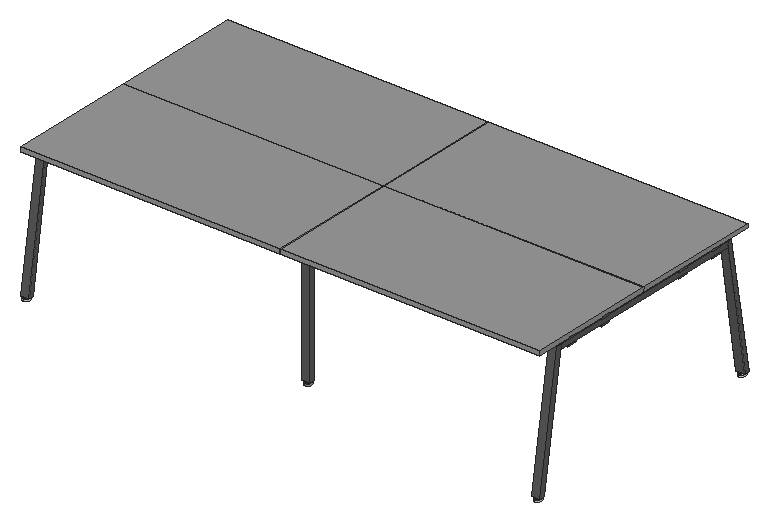
Revit family "Haworth_Tibas_Desk_BenchWorkstation_EU_PRELIMINARY", category Furniture, Revit 2019 (continued)
Definition of nested family "Haworth_Tibas_Base_U-Leg_PART"
  Forms (cm)
    Revolve 5, solid, material <- "Glide Finish"
      sketch origin (-15.6859, -60.21, 0) x (0, -1, 0) y (0, 0, 1)
        axis (-12.5, 1.5979) -> (-12.5, 0)
      angle from 0 to 360
  Cuts and joins
    joined: Extrusion 1, Extrusion 2, Extrusion 3
  Lines and regions (cm)
    Masking region 1
      outline origin (0, 0, 0) x (1, 0, 0) y (0, 1, 0)
        loop
          line (-18.1859, -9.21) -> (-18.1859, -49.21) -> (-13.1859, -49.21) -> (-13.1859, -9.21) -> (-18.1859, -9.21)
  Dimensions and locks (cm)
    "Actual Height": plane 4 "Top" to plane 1
    equal spacing: plane 9, plane 3 "Center F/B", plane 10
    "Actual Depth": plane 9 to plane 10
    equal spacing: plane 7, plane 2 "Center L/R", plane 8
    "Actual Width": plane 7 to plane 8
    locked: plane 9 to plane 11 at 3
    locked: plane 10 to plane 12 at 3
    "Actual Height": plane 4 "Top" to level
    locked: plane 6 to plane 4 "Top" at 3
    locked: plane 5 to level at 1.5979
    plane 13 to plane 9 to plane 14 = 1.5 cm locked, 0.7161 cm locked
    plane 16 to plane 10 to plane 15 = 0.7161 cm locked, 1.5 cm locked
    aligned and locked: Extrusion 1 sketch curve to plane 7
    aligned and locked: plane 8 to Extrusion 1 sketch curve
    aligned and locked: plane 5 to Extrusion 1 sketch curve
    aligned and locked: Extrusion 1 sketch curve to plane 4 "Top"
    aligned and locked: plane 9 to Extrusion 1
    aligned and locked: Extrusion 1 to plane 11
    aligned and locked: plane 7 to Extrusion 2
    aligned and locked: Extrusion 2 to plane 8
    aligned and locked: Extrusion 2 to plane 12
    aligned and locked: plane 10 to Extrusion 2
    aligned and locked: plane 4 "Top" to Extrusion 2
    aligned and locked: Extrusion 2 to plane 5
    aligned and locked: Extrusion 3 sketch curve to plane 11
    aligned and locked: Extrusion 3 sketch curve to plane 4 "Top"
    aligned and locked: Extrusion 3 sketch curve to plane 12
    aligned and locked: Extrusion 3 sketch curve to plane 6
    aligned and locked: plane 7 to Extrusion 3
    aligned and locked: Extrusion 3 to plane 8
    aligned and locked: plane 8 to Masking region 1 sketch curve
    aligned and locked: Masking region 1 sketch curve to plane 9
    aligned and locked: Masking region 1 sketch curve to plane 7
    aligned and locked: Masking region 1 sketch curve to plane 10
    aligned and locked: Revolve 4 sketch curve to plane 13  (x2)
    aligned and locked: plane 14 to Revolve 4 sketch curve
    aligned and locked: plane 15 to Revolve 5 sketch curve  (x2)
    aligned and locked: Revolve 5 sketch curve to plane 16
    aligned and locked: Revolve 5 sketch curve to plane 5
    aligned and locked: Revolve 5 sketch curve to plane 1
    aligned and locked: plane 5 to Revolve 4 sketch curve
    aligned and locked: plane 1 to Revolve 4 sketch curve
  Automatic sketch dimensions
    Extrusion 2 sketch curve to plane 5 = 0 cm
    plane 7 to Extrusion 2 sketch curve = 0 cm
    plane 8 to Extrusion 2 sketch curve = 0 cm
    Extrusion 2 sketch curve to plane 4 "Top" = 0 cm
    level to Revolve 4 sketch curve = 0 cm
    plane 5 to Revolve 4 sketch curve = 0 cm
    plane 13 to Revolve 4 sketch curve = 0.5 cm
    Revolve 4 sketch curve to plane 9 = 0.5146 cm
    Revolve 4 sketch curve to Revolve 4 sketch curve = 0.6 cm
    Revolve 4 sketch curve to plane 5 = 0.5126 cm
    Revolve 5 sketch curve to level = 0 cm
    Revolve 5 sketch curve to plane 5 = 0 cm
    Revolve 5 sketch curve to plane 15 = 0.5 cm
    plane 10 to Revolve 5 sketch curve = 0.5146 cm
    Revolve 5 sketch curve to Revolve 5 sketch curve = 0.6 cm
    plane 5 to Revolve 5 sketch curve = 0.5126 cm
Definition of nested family "Haworth_Tibas_CableManagement_HorizontalCableTrayDouble_PART"
  Parameters (values of type "Horizontal Cable Tray Double")
    Warranty = "http://www.haworth.com/resources/product-info/warranties"
    URL - Product = "https://www.haworth.com/eu/products/tables/desks/tibas"
    URL = "https://www.haworth.com/ap/en.html"
    Size = "Verify Final Dim. w/ Haworth"  # constant formula
    Revision Number = "1"  # constant formula
    Model = "Haworth - Tibas"  # constant formula
    Manufacturer = "Haworth"  # constant formula
    Description = "Haworth - Tibas - Horizontal Cable Tray Double - PART"  # constant formula
    Cable Tray Finish [instance] = none
    Author = "Haworth (Abd Rahman)"  # constant formula
    Assembly Code = "E2020200"
    Actual Width = 200 cm
    Actual Height = 45 cm
    Actual Depth = 41 cm  # constant formula
  Reference planes (cm)
    plane 1: z = 0
    plane 2 "Center L/R": x = -15.6859
    plane 3 "Center F/B": y = -29.21
    plane 4 "Top": z = 45
    plane 5: z = 35
    plane 6: x = -115.6859
    plane 7: x = 84.3141
    plane 8: y = -8.71
    plane 9: y = -49.71
  Forms (cm)
    Extrusion 1, solid, material <- "Cable Tray Finish"
      sketch origin (-15.6859, 0, 0) x (0, 1, 0) y (0, 0, 1)
        loop
          line (-49.71, 45) -> (-49.71, 44.4) -> (-49.51, 44.4) -> (-49.51, 44.8) -> (-48.71, 44.8) -> (-48.71, 35) -> (-9.71, 35) -> (-9.71, 44.8) -> (-8.91, 44.8) -> (-8.91, 44.4) -> (-8.71, 44.4) -> (-8.71, 45) -> (-9.91, 45) -> (-9.91, 35.2) -> (-48.51, 35.2) -> (-48.51, 45) -> (-49.71, 45)
      from -100 to 100
  Lines and regions (cm)
    Masking region 1
      outline origin (0, 0, 0) x (1, 0, 0) y (0, 1, 0)
        loop
          line (-115.6859, -8.71) -> (-115.6859, -49.71) -> (84.3141, -49.71) -> (84.3141, -8.71) -> (-115.6859, -8.71)
  Dimensions and locks (cm)
    "Actual Height": plane 4 "Top" to plane 1
    equal spacing: plane 8, plane 3 "Center F/B", plane 9
    "Actual Depth": plane 8 to plane 9
    equal spacing: plane 6, plane 2 "Center L/R", plane 7
    "Actual Width": plane 6 to plane 7
    "Actual Height": plane 4 "Top" to level
    locked: plane 5 to plane 4 "Top" at 10
    aligned and locked: Masking region 1 sketch curve to plane 8
    aligned and locked: Masking region 1 sketch curve to plane 6
    aligned and locked: Masking region 1 sketch curve to plane 9
    aligned and locked: plane 7 to Masking region 1 sketch curve
    aligned and locked: Extrusion 1 sketch curve to plane 4 "Top"  (x2)
    aligned and locked: Extrusion 1 sketch curve to plane 5
    aligned and locked: plane 6 to Extrusion 1
    aligned and locked: Extrusion 1 to plane 7
  Automatic sketch dimensions
    Extrusion 1 sketch curve to plane 5 = 0.2 cm
    Extrusion 1 sketch curve to plane 9 = 0 cm
    Extrusion 1 sketch curve to plane 9 = 0.2 cm
    Extrusion 1 sketch curve to plane 4 "Top" = 0.2 cm  (x2)
    Extrusion 1 sketch curve to Extrusion 1 sketch curve = 0.2 cm  (x2)
    Extrusion 1 sketch curve to Extrusion 1 sketch curve = 0.4 cm  (x2)
    Extrusion 1 sketch curve to plane 9 = 1 cm
    Extrusion 1 sketch curve to plane 8 = 1 cm
    Extrusion 1 sketch curve to plane 8 = 0 cm
    Extrusion 1 sketch curve to plane 8 = 0.2 cm
Definition of nested family "Haworth_Tibas_CableManagement_HorizontalCableTrayDoubleWire_PART"
  Parameters (values of type "Wire Basket")
    Warranty = "http://www.haworth.com/resources/product-info/warranties"
    URL = "www.haworth.com"
    Trim Finish = none
    Size = "Verify Final Dim. w/ Haworth"  # constant formula
    Revision Number = "1"  # constant formula
    Model = "Haworth -  Wire Basket "  # constant formula
    Manufacturer = "Haworth"  # constant formula
    Description = "Haworth -  Wire Basket "  # constant formula
    Cable Tray Finish [instance] = none
    Author = "Haworth (Abd Rahman)"  # constant formula
    Assembly Code = "E2020200"
    Actual Width = 200 cm
    Actual Depth = 35.05 cm  # constant formula
    200cm = yes
    180cm = yes
    160cm = yes
    140cm = yes
    120cm = yes
  Reference planes (cm)
    plane 1: z = 0
    plane 2 "Support Top": z = 74.1363
    plane 3: x = -79.1964
    plane 4: x = 120.8036
    plane 5: x = 20.8036
    plane 6: y = 5.1564
    plane 7 "Front": y = -29.8936
    plane 8: y = -12.3686
  Dimensions and locks (cm)
    locked: plane 2 "Support Top" to level at 74.1363
    equal spacing: plane 3, plane 5, plane 4
    "Actual Width": plane 3 to plane 4
    equal spacing: plane 6, plane 8, plane 7 "Front"
    "Actual Depth": plane 7 "Front" to plane 6
    aligned and locked: plane 5 to nested 2
    aligned and locked: plane 5 to nested 3
    aligned and locked: plane 5 to nested 1
    aligned and locked: plane 5 to nested 4
    aligned and locked: plane 5 to nested 5
    aligned and locked: plane 8 to nested 5
    aligned and locked: plane 8 to nested 1
    aligned and locked: plane 8 to nested 4
    aligned and locked: plane 8 to nested 2
    aligned and locked: plane 8 to nested 3
  Nested families (cm)
    nested 1: "Haworth_Tibas_CableManagement_HorizontalCableTrayDoubleWire_180cm-PART" at (0, 9.75, 0), visible <- "180cm", type "Wire Basket Double - 180cm"
    nested 2: "Haworth_Tibas_CableManagement_HorizontalCableTrayDoubleWire_200cm-PART" at (0, 9.75, 0), visible <- "200cm", type "Wire Basket Double - 200cm"
    nested 3: "Haworth_Tibas_CableManagement_HorizontalCableTrayDoubleWire_140cm-PART" at (0, 9.75, 0), visible <- "140cm", type "Wire Basket Double - 140cm"
    nested 4: "Haworth_Tibas_CableManagement_HorizontalCableTrayDoubleWire_120cm-PART" at (0, 9.75, 0), visible <- "120cm", type "Wire Basket Double - 120cm"
    nested 5: "Haworth_Tibas_CableManagement_HorizontalCableTrayDoubleWire_160cm-PART" at (0, 9.75, 0), visible <- "160cm", type "Wire Basket Double - 160cm"
  Definition of nested family "Haworth_Tibas_CableManagement_HorizontalCableTrayDoubleWire_180cm-PART"
    Parameters (values of type "Wire Basket Double - 180cm")
      Warranty = "http://www.haworth.com/resources/product-info/warranties"
      Void Width = 20 cm  # constant formula
      URL = "www.haworth.com"
      Trim Finish = none
      Size = "Verify Final Dim. w/ Haworth"  # constant formula
      Revision Number = "1"  # constant formula
      Model = "Haworth -  Wire Basket "  # constant formula
      Manufacturer = "Haworth"  # constant formula
      Description = "Haworth -  Wire Basket 180cm "  # constant formula
      Cable Tray Finish = none
      Author = "Haworth (Abd Rahman)"  # constant formula
      Assembly Code = "E2020200"
      Actual Width = 180 cm  # constant formula
      Actual Depth = 35.5 cm  # constant formula
    Reference planes (cm)
      plane 1: z = 0
      plane 2 "Support Top": z = 74.1363
      plane 3: x = 20.8036
      plane 4: y = -4.3686
      plane 5 "Front": y = -39.8686
      plane 6: y = -22.1186
      plane 7: x = -69.1964
      plane 8: x = 110.8036
    Forms (cm)
      Extrusion 1, solid, material <- "Cable Tray Finish"
        sketch origin (-68.41, -24.7371, 0) x (0, 1, 0) y (0, 0, -1)
          loop
            line (-14.9392, -74.1362) -> (-14.9392, -68.4381)
            arc (-14.9392, -68.4381) -> (-14.8805, -68.2965) -> (-14.7389, -68.2378) r 0.2003
            line (-14.7389, -68.2378) -> (19.8574, -68.2378)
            arc (19.8574, -68.2378) -> (20.0023, -68.2979) -> (20.0623, -68.4428) r 0.205
            line (20.0623, -68.4428) -> (20.0623, -74.1362) -> (20.3686, -74.1362) -> (20.3686, -68.4261)
            arc (20.3686, -68.4261) -> (20.2547, -68.1513) -> (19.9799, -68.0374) r 0.3886
            line (19.9799, -68.0374) -> (-14.7433, -68.0374)
            arc (-14.7433, -68.0374) -> (-15.0178, -68.1511) -> (-15.1314, -68.4255) r 0.3881
            line (-15.1314, -68.4255) -> (-15.1314, -74.1362) -> (-14.9392, -74.1362)
        from -179.2136 to 0.7864
      Extrusion 2, void
        sketch origin (0, -2.9666, 0) x (1, 0, 0) y (0, 0, -1)
          loop
            line (-68.261, -73.9397) -> (-62.4684, -73.9397) -> (-62.4684, -70.6269) -> (-68.261, -70.6269) -> (-68.261, -73.9397)
          loop
            line (-62.4684, -70.4411) -> (-62.4684, -68.6179) -> (-68.261, -68.6179) -> (-68.261, -70.4411) -> (-62.4684, -70.4411)
          loop
            line (-62.261, -73.9397) -> (-56.4684, -73.9397) -> (-56.4684, -70.6269) -> (-62.261, -70.6269) -> (-62.261, -73.9397)
          loop
            line (-56.4684, -70.4411) -> (-56.4684, -68.6179) -> (-62.261, -68.6179) -> (-62.261, -70.4411) -> (-56.4684, -70.4411)
          loop
            line (-56.261, -73.9397) -> (-50.4684, -73.9397) -> (-50.4684, -70.6269) -> (-56.261, -70.6269) -> (-56.261, -73.9397)
          loop
            line (-50.4684, -70.4411) -> (-50.4684, -68.6179) -> (-56.261, -68.6179) -> (-56.261, -70.4411) -> (-50.4684, -70.4411)
          loop
            line (-50.261, -73.9397) -> (-44.4684, -73.9397) -> (-44.4684, -70.6269) -> (-50.261, -70.6269) -> (-50.261, -73.9397)
          loop
            line (-44.4684, -70.4411) -> (-44.4684, -68.6179) -> (-50.261, -68.6179) -> (-50.261, -70.4411) -> (-44.4684, -70.4411)
          loop
            line (-44.261, -73.9397) -> (-38.4684, -73.9397) -> (-38.4684, -70.6269) -> (-44.261, -70.6269) -> (-44.261, -73.9397)
          loop
            line (-38.4684, -70.4411) -> (-38.4684, -68.6448) -> (-44.261, -68.6448) -> (-44.261, -70.4411) -> (-38.4684, -70.4411)
          loop
            line (-38.261, -73.9397) -> (-32.4684, -73.9397) -> (-32.4684, -70.6269) -> (-38.261, -70.6269) -> (-38.261, -73.9397)
          loop
            line (-32.4684, -70.4411) -> (-32.4684, -68.6448) -> (-38.261, -68.6448) -> (-38.261, -70.4411) -> (-32.4684, -70.4411)
          loop
            line (-32.261, -73.9397) -> (-26.4684, -73.9397) -> (-26.4684, -70.6269) -> (-32.261, -70.6269) -> (-32.261, -73.9397)
          loop
            line (-26.4684, -70.4411) -> (-26.4684, -68.6448) -> (-32.261, -68.6448) -> (-32.261, -70.4411) -> (-26.4684, -70.4411)
          loop
            line (-26.261, -73.9397) -> (-20.4684, -73.9397) -> (-20.4684, -70.6269) -> (-26.261, -70.6269) -> (-26.261, -73.9397)
          loop
            line (-20.4684, -70.4411) -> (-20.4684, -68.6582) -> (-26.261, -68.6582) -> (-26.261, -70.4411) -> (-20.4684, -70.4411)
          loop
            line (-20.261, -73.9397) -> (-14.4684, -73.9397) -> (-14.4684, -70.6269) -> (-20.261, -70.6269) -> (-20.261, -73.9397)
          loop
            line (-14.4684, -70.4411) -> (-14.4684, -68.6582) -> (-20.261, -68.6582) -> (-20.261, -70.4411) -> (-14.4684, -70.4411)
          loop
            line (-14.261, -73.9397) -> (-8.4684, -73.9397) -> (-8.4684, -70.6269) -> (-14.261, -70.6269) -> (-14.261, -73.9397)
          loop
            line (-8.4684, -70.4411) -> (-8.4684, -68.6582) -> (-14.261, -68.6582) -> (-14.261, -70.4411) -> (-8.4684, -70.4411)
          loop
            line (-8.261, -73.9397) -> (-2.4684, -73.9397) -> (-2.4684, -70.6269) -> (-8.261, -70.6269) -> (-8.261, -73.9397)
          loop
            line (-2.4684, -70.4411) -> (-2.4684, -68.6448) -> (-8.261, -68.6448) -> (-8.261, -70.4411) -> (-2.4684, -70.4411)
          loop
            line (-2.261, -73.9397) -> (3.5316, -73.9397) -> (3.5316, -70.6269) -> (-2.261, -70.6269) -> (-2.261, -73.9397)
          loop
            line (3.5316, -70.4411) -> (3.5316, -68.6582) -> (-2.261, -68.6582) -> (-2.261, -70.4411) -> (3.5316, -70.4411)
          loop
            line (3.739, -73.9397) -> (9.5316, -73.9397) -> (9.5316, -70.6269) -> (3.739, -70.6269) -> (3.739, -73.9397)
          loop
            line (9.5316, -70.4411) -> (9.5316, -68.6582) -> (3.739, -68.6582) -> (3.739, -70.4411) -> (9.5316, -70.4411)
          loop
            line (9.739, -73.9397) -> (15.5316, -73.9397) -> (15.5316, -70.6269) -> (9.739, -70.6269) -> (9.739, -73.9397)
          loop
            line (15.5316, -70.4411) -> (15.5316, -68.6582) -> (9.739, -68.6582) -> (9.739, -70.4411) -> (15.5316, -70.4411)
          loop
            line (15.739, -73.9397) -> (21.5316, -73.9397) -> (21.5316, -70.6269) -> (15.739, -70.6269) -> (15.739, -73.9397)
          loop
            line (21.5316, -70.4411) -> (21.5316, -68.6582) -> (15.739, -68.6582) -> (15.739, -70.4411) -> (21.5316, -70.4411)
          loop
            line (21.739, -73.9397) -> (27.5316, -73.9397) -> (27.5316, -70.6269) -> (21.739, -70.6269) -> (21.739, -73.9397)
          loop
            line (27.5316, -70.4411) -> (27.5316, -68.6582) -> (21.739, -68.6582) -> (21.739, -70.4411) -> (27.5316, -70.4411)
          loop
            line (27.739, -73.9397) -> (33.5316, -73.9397) -> (33.5316, -70.6269) -> (27.739, -70.6269) -> (27.739, -73.9397)
          loop
            line (33.5316, -70.4411) -> (33.5316, -68.6448) -> (27.739, -68.6448) -> (27.739, -70.4411) -> (33.5316, -70.4411)
          loop
            line (33.739, -73.9397) -> (39.5316, -73.9397) -> (39.5316, -70.6269) -> (33.739, -70.6269) -> (33.739, -73.9397)
          loop
            line (39.5316, -70.4411) -> (39.5316, -68.6582) -> (33.739, -68.6582) -> (33.739, -70.4411) -> (39.5316, -70.4411)
          loop
            line (39.739, -73.9397) -> (45.5316, -73.9397) -> (45.5316, -70.6269) -> (39.739, -70.6269) -> (39.739, -73.9397)
          loop
            line (45.5316, -70.4411) -> (45.5316, -68.6582) -> (39.739, -68.6582) -> (39.739, -70.4411) -> (45.5316, -70.4411)
          loop
            line (45.739, -73.9397) -> (51.5316, -73.9397) -> (51.5316, -70.6269) -> (45.739, -70.6269) -> (45.739, -73.9397)
          loop
            line (51.5316, -70.4411) -> (51.5316, -68.6582) -> (45.739, -68.6582) -> (45.739, -70.4411) -> (51.5316, -70.4411)
          loop
            line (51.739, -73.9397) -> (57.5316, -73.9397) -> (57.5316, -70.6269) -> (51.739, -70.6269) -> (51.739, -73.9397)
          loop
            line (57.5316, -70.4411) -> (57.5316, -68.6582) -> (51.739, -68.6582) -> (51.739, -70.4411) -> (57.5316, -70.4411)
          loop
            line (57.739, -73.9397) -> (63.5316, -73.9397) -> (63.5316, -70.6269) -> (57.739, -70.6269) -> (57.739, -73.9397)
          loop
            line (63.5316, -70.4411) -> (63.5316, -68.6582) -> (57.739, -68.6582) -> (57.739, -70.4411) -> (63.5316, -70.4411)
          loop
            line (63.739, -73.9397) -> (69.5316, -73.9397) -> (69.5316, -70.6269) -> (63.739, -70.6269) -> (63.739, -73.9397)
          loop
            line (69.5316, -70.4411) -> (69.5316, -68.6448) -> (63.739, -68.6448) -> (63.739, -70.4411) -> (69.5316, -70.4411)
          loop
            line (69.739, -73.9397) -> (75.5316, -73.9397) -> (75.5316, -70.6269) -> (69.739, -70.6269) -> (69.739, -73.9397)
          loop
            line (75.5316, -70.4411) -> (75.5316, -68.6582) -> (69.739, -68.6582) -> (69.739, -70.4411) -> (75.5316, -70.4411)
          loop
            line (75.739, -73.9397) -> (81.5316, -73.9397) -> (81.5316, -70.6269) -> (75.739, -70.6269) -> (75.739, -73.9397)
          loop
            line (81.5316, -70.4411) -> (81.5316, -68.6582) -> (75.739, -68.6582) -> (75.739, -70.4411) -> (81.5316, -70.4411)
          loop
            line (81.739, -73.9397) -> (87.5316, -73.9397) -> (87.5316, -70.6269) -> (81.739, -70.6269) -> (81.739, -73.9397)
          loop
            line (87.5316, -70.4411) -> (87.5316, -68.6582) -> (81.739, -68.6582) -> (81.739, -70.4411) -> (87.5316, -70.4411)
          loop
            line (87.739, -73.9397) -> (93.5316, -73.9397) -> (93.5316, -70.6269) -> (87.739, -70.6269) -> (87.739, -73.9397)
          loop
            line (93.5316, -70.4411) -> (93.5316, -68.6582) -> (87.739, -68.6582) -> (87.739, -70.4411) -> (93.5316, -70.4411)
          loop
            line (93.739, -73.9397) -> (98.0316, -73.9397) -> (98.0316, -70.6269) -> (93.739, -70.6269) -> (93.739, -73.9397)
          loop
            line (98.0316, -70.4411) -> (98.0316, -68.6582) -> (93.739, -68.6582) -> (93.739, -70.4411) -> (98.0316, -70.4411)
          loop
            line (98.239, -73.9397) -> (104.0316, -73.9397) -> (104.0316, -70.6269) -> (98.239, -70.6269) -> (98.239, -73.9397)
          loop
            line (104.0316, -70.4411) -> (104.0316, -68.6582) -> (98.239, -68.6582) -> (98.239, -70.4411) -> (104.0316, -70.4411)
          loop
            line (104.239, -73.9397) -> (110.0316, -73.9397) -> (110.0316, -70.6269) -> (104.239, -70.6269) -> (104.239, -73.9397)
          loop
            line (110.0316, -70.4411) -> (110.0316, -68.6582) -> (104.239, -68.6582) -> (104.239, -70.4411) -> (110.0316, -70.4411)
        from -50.1088 to 0.5784
      Extrusion 3, void
        sketch origin (0, -24.7371, 0) x (1, 0, 0) y (0, 1, 0)
          loop
            line (-68.636, -13.5337) -> (-60.9684, -13.5337) -> (-60.9684, 20.0623) -> (-68.636, 20.0623) -> (-68.636, -13.5337)
          loop
            line (-60.761, -13.5337) -> (-54.9555, -13.5337) -> (-54.9555, 20.0623) -> (-60.761, 20.0623) -> (-60.761, -13.5337)
          loop
            line (-54.761, -13.5337) -> (-48.9684, -13.5337) -> (-48.9684, 20.0623) -> (-54.761, 20.0623) -> (-54.761, -13.5337)
          loop
            line (-48.761, -13.5337) -> (-42.9555, -13.5337) -> (-42.9555, 20.0623) -> (-48.761, 20.0623) -> (-48.761, -13.5337)
          loop
            line (-42.761, -13.5337) -> (-36.9684, -13.5337) -> (-36.9684, 20.0623) -> (-42.761, 20.0623) -> (-42.761, -13.5337)
          loop
            line (-36.761, -13.5337) -> (-30.9555, -13.5337) -> (-30.9555, 20.0623) -> (-36.761, 20.0623) -> (-36.761, -13.5337)
          loop
            line (-30.761, -13.5337) -> (-24.9684, -13.5337) -> (-24.9684, 20.0623) -> (-30.761, 20.0623) -> (-30.761, -13.5337)
          loop
            line (-24.761, -13.5337) -> (-18.9555, -13.5337) -> (-18.9555, 20.0623) -> (-24.761, 20.0623) -> (-24.761, -13.5337)
          loop
            line (-18.761, -13.5337) -> (-12.9684, -13.5337) -> (-12.9684, 20.0623) -> (-18.761, 20.0623) -> (-18.761, -13.5337)
          loop
            line (-12.761, -13.5337) -> (-6.9555, -13.5337) -> (-6.9555, 20.0623) -> (-12.761, 20.0623) -> (-12.761, -13.5337)
          loop
            line (-6.748, -13.5337) -> (-0.9555, -13.5337) -> (-0.9555, 20.0623) -> (-6.748, 20.0623) -> (-6.748, -13.5337)
          loop
            line (-0.748, -13.5337) -> (5.0575, -13.5337) -> (5.0575, 20.0623) -> (-0.748, 20.0623) -> (-0.748, -13.5337)
          loop
            line (5.2779, -13.5337) -> (11.0704, -13.5337) -> (11.0704, 20.0623) -> (5.2779, 20.0623) -> (5.2779, -13.5337)
          loop
            line (11.2779, -13.5337) -> (17.0834, -13.5337) -> (17.0834, 20.0623) -> (11.2779, 20.0623) -> (11.2779, -13.5337)
          loop
            line (17.2908, -13.5337) -> (23.0963, -13.5337) -> (23.0963, 20.0623) -> (17.2908, 20.0623) -> (17.2908, -13.5337)
          loop
            line (23.3038, -13.5337) -> (29.0963, -13.5337) -> (29.0963, 20.0623) -> (23.3038, 20.0623) -> (23.3038, -13.5337)
          loop
            line (29.3038, -13.5337) -> (35.1093, -13.5337) -> (35.1093, 20.0623) -> (29.3038, 20.0623) -> (29.3038, -13.5337)
          loop
            line (35.3297, -13.5337) -> (41.1222, -13.5337) -> (41.1222, 20.0623) -> (35.3297, 20.0623) -> (35.3297, -13.5337)
          loop
            line (41.3297, -13.5337) -> (47.1351, -13.5337) -> (47.1351, 20.0623) -> (41.3297, 20.0623) -> (41.3297, -13.5337)
          loop
            line (47.3426, -13.5337) -> (53.1481, -13.5337) -> (53.1481, 20.0623) -> (47.3426, 20.0623) -> (47.3426, -13.5337)
          loop
            line (53.3556, -13.5337) -> (59.1481, -13.5337) -> (59.1481, 20.0623) -> (53.3556, 20.0623) -> (53.3556, -13.5337)
          loop
            line (59.3556, -13.5337) -> (65.161, -13.5337) -> (65.161, 20.0623) -> (59.3556, 20.0623) -> (59.3556, -13.5337)
          loop
            line (65.3815, -13.5337) -> (71.174, -13.5337) -> (71.174, 20.0623) -> (65.3815, 20.0623) -> (65.3815, -13.5337)
          loop
            line (71.3815, -13.5337) -> (77.1869, -13.5337) -> (77.1869, 20.0623) -> (71.3815, 20.0623) -> (71.3815, -13.5337)
          loop
            line (77.3944, -13.5337) -> (83.1999, -13.5337) -> (83.1999, 20.0623) -> (77.3944, 20.0623) -> (77.3944, -13.5337)
          loop
            line (83.4074, -13.5337) -> (89.1999, -13.5337) -> (89.1999, 20.0623) -> (83.4074, 20.0623) -> (83.4074, -13.5337)
          loop
            line (89.4074, -13.5337) -> (95.2128, -13.5337) -> (95.2128, 20.0623) -> (89.4074, 20.0623) -> (89.4074, -13.5337)
          loop
            line (95.4333, -13.5337) -> (101.2258, -13.5337) -> (101.2258, 20.0623) -> (95.4333, 20.0623) -> (95.4333, -13.5337)
          loop
            line (101.4333, -13.5337) -> (107.2387, -13.5337) -> (107.2387, 20.0623) -> (101.4333, 20.0623) -> (101.4333, -13.5337)
          loop
            line (107.4592, -13.5337) -> (110.2517, -13.5337) -> (110.2517, 20.0623) -> (107.4592, 20.0623) -> (107.4592, -13.5337)
        from 0 to 76.0995
      Extrusion 4, solid, material <- "Trim Finish"
        sketch origin (115.161, -0.5, 80.0038) x (0, -1, 0) y (0, 0, -1)
          loop
            arc (43.6542, 2.8) -> (43.8098, 2.8644) -> (43.8742, 3.02) r 0.22
            line (43.8742, 3.02) -> (43.8742, 6) -> (43.6742, 6) -> (43.6742, 3) -> (39.6242, 3) -> (39.6242, 5.5787)
            arc (39.6242, 5.5787) -> (39.5594, 5.7352) -> (39.4029, 5.8) r 0.2213
            line (39.4029, 5.8) -> (39.1242, 5.8) -> (39.1242, 12.2277)
            arc (39.1242, 12.2277) -> (39.0591, 12.3849) -> (38.9019, 12.45) r 0.2223
            line (38.9019, 12.45) -> (24.7358, 12.45)
            arc (24.7358, 12.45) -> (24.3108, 12.025) -> (24.7358, 11.6) r 0.425
            line (24.7358, 11.6) -> (25.5117, 11.6) -> (25.5117, 11.8) -> (24.7376, 11.8)
            arc (24.7376, 11.8) -> (24.5126, 12.025) -> (24.7376, 12.25) r 0.225
            line (24.7376, 12.25) -> (38.9242, 12.25) -> (38.9242, 5.824)
            arc (38.9242, 5.824) -> (38.9898, 5.6656) -> (39.1482, 5.6) r 0.224
            line (39.1482, 5.6) -> (39.4242, 5.6) -> (39.4242, 3.0224)
            arc (39.4242, 3.0224) -> (39.4893, 2.8651) -> (39.6466, 2.8) r 0.2224
            line (39.6466, 2.8) -> (43.6542, 2.8)
        from -36.501 to -33.501
      Extrusion 5, solid, material <- "Trim Finish"
        sketch origin (-74.8038, -0.5, 80.0038) x (0, -1, 0) y (0, 0, 1)
          loop
            line (43.6542, -2.8) -> (39.6466, -2.8)
            arc (39.6466, -2.8) -> (39.4893, -2.8651) -> (39.4242, -3.0224) r 0.2224
            line (39.4242, -3.0224) -> (39.4242, -5.6) -> (39.1482, -5.6)
            arc (39.1482, -5.6) -> (38.9898, -5.6656) -> (38.9242, -5.824) r 0.224
            line (38.9242, -5.824) -> (38.9242, -12.25) -> (24.7376, -12.25)
            arc (24.7376, -12.25) -> (24.5126, -12.025) -> (24.7376, -11.8) r 0.225
            line (24.7376, -11.8) -> (25.5117, -11.8) -> (25.5117, -11.6) -> (24.7358, -11.6)
            arc (24.7358, -11.6) -> (24.3108, -12.025) -> (24.7358, -12.45) r 0.425
            line (24.7358, -12.45) -> (38.9019, -12.45)
            arc (38.9019, -12.45) -> (39.0591, -12.3849) -> (39.1242, -12.2277) r 0.2223
            line (39.1242, -12.2277) -> (39.1242, -5.8) -> (39.4029, -5.8)
            arc (39.4029, -5.8) -> (39.5594, -5.7352) -> (39.6242, -5.5787) r 0.2213
            line (39.6242, -5.5787) -> (39.6242, -3) -> (43.6742, -3) -> (43.6742, -6) -> (43.8742, -6) -> (43.8742, -3.02)
            arc (43.8742, -3.02) -> (43.8098, -2.8644) -> (43.6542, -2.8) r 0.22
        from -36.501 to -33.501
      Extrusion 6, solid, material <- "Trim Finish"
        sketch origin (115.161, -43.8621, 80.0038) x (0, 1, 0) y (0, 0, 1)
          loop
            line (43.6542, -2.8) -> (39.6466, -2.8)
            arc (39.6466, -2.8) -> (39.4893, -2.8651) -> (39.4242, -3.0224) r 0.2224
            line (39.4242, -3.0224) -> (39.4242, -5.6) -> (39.1482, -5.6)
            arc (39.1482, -5.6) -> (38.9898, -5.6656) -> (38.9242, -5.824) r 0.224
            line (38.9242, -5.824) -> (38.9242, -12.25) -> (24.7376, -12.25)
            arc (24.7376, -12.25) -> (24.5126, -12.025) -> (24.7376, -11.8) r 0.225
            line (24.7376, -11.8) -> (25.5117, -11.8) -> (25.5117, -11.6) -> (24.7358, -11.6)
            arc (24.7358, -11.6) -> (24.3108, -12.025) -> (24.7358, -12.45) r 0.425
            line (24.7358, -12.45) -> (38.9019, -12.45)
            arc (38.9019, -12.45) -> (39.0591, -12.3849) -> (39.1242, -12.2277) r 0.2223
            line (39.1242, -12.2277) -> (39.1242, -5.8) -> (39.4029, -5.8)
            arc (39.4029, -5.8) -> (39.5594, -5.7352) -> (39.6242, -5.5787) r 0.2213
            line (39.6242, -5.5787) -> (39.6242, -3) -> (43.6742, -3) -> (43.6742, -6) -> (43.8742, -6) -> (43.8742, -3.02)
            arc (43.8742, -3.02) -> (43.8098, -2.8644) -> (43.6542, -2.8) r 0.22
        from -36.501 to -33.501
      Extrusion 7, solid, material <- "Trim Finish"
        sketch origin (-74.8038, -43.8621, 80.0038) x (0, 1, 0) y (0, 0, -1)
          loop
            arc (43.6542, 2.8) -> (43.8098, 2.8644) -> (43.8742, 3.02) r 0.22
            line (43.8742, 3.02) -> (43.8742, 6) -> (43.6742, 6) -> (43.6742, 3) -> (39.6242, 3) -> (39.6242, 5.5787)
            arc (39.6242, 5.5787) -> (39.5594, 5.7352) -> (39.4029, 5.8) r 0.2213
            line (39.4029, 5.8) -> (39.1242, 5.8) -> (39.1242, 12.2277)
            arc (39.1242, 12.2277) -> (39.0591, 12.3849) -> (38.9019, 12.45) r 0.2223
            line (38.9019, 12.45) -> (24.7358, 12.45)
            arc (24.7358, 12.45) -> (24.3108, 12.025) -> (24.7358, 11.6) r 0.425
            line (24.7358, 11.6) -> (25.5117, 11.6) -> (25.5117, 11.8) -> (24.7376, 11.8)
            arc (24.7376, 11.8) -> (24.5126, 12.025) -> (24.7376, 12.25) r 0.225
            line (24.7376, 12.25) -> (38.9242, 12.25) -> (38.9242, 5.824)
            arc (38.9242, 5.824) -> (38.9898, 5.6656) -> (39.1482, 5.6) r 0.224
            line (39.1482, 5.6) -> (39.4242, 5.6) -> (39.4242, 3.0224)
            arc (39.4242, 3.0224) -> (39.4893, 2.8651) -> (39.6466, 2.8) r 0.2224
            line (39.6466, 2.8) -> (43.6542, 2.8)
        from -36.501 to -33.501
    Cuts and joins
      Extrusion 2, Extrusion 3 cuts Extrusion 1
    Lines and regions (cm)
      Masking region 1
        outline origin (0, 0, 0) x (1, 0, 0) y (0, 1, 0)
          loop
            line (-69.1964, -4.3686) -> (-69.1964, -39.8686) -> (110.8036, -39.8686) -> (110.8036, -4.3686) -> (-69.1964, -4.3686)
    Dimensions and locks (cm)
      locked: plane 2 "Support Top" to level at 74.1363
      equal spacing: plane 4, plane 6, plane 5 "Front"
      "Actual Depth": plane 5 "Front" to plane 4
      equal spacing: plane 7, plane 3, plane 8
      "Actual Width": plane 7 to plane 8
      aligned and locked: plane 4 to cut or joined group of Extrusion 1, Extrusion 2, Extrusion 3
      aligned and locked: Masking region 1 sketch curve to plane 4
      aligned and locked: Masking region 1 sketch curve to plane 5 "Front"
      aligned and locked: Masking region 1 sketch curve to plane 8
      aligned and locked: Masking region 1 sketch curve to plane 7
      aligned and locked: cut or joined group of Extrusion 1, Extrusion 2, Extrusion 3 to plane 7
      aligned and locked: cut or joined group of Extrusion 1, Extrusion 2, Extrusion 3 to plane 8
    Automatic sketch dimensions
      Extrusion 1 sketch curve to plane 2 "Support Top" = 0 cm  (x2)
      Extrusion 1 sketch curve to plane 4 = 0 cm
      Extrusion 1 sketch curve to Extrusion 1 sketch curve = 0.3062 cm
      Extrusion 1 sketch curve to plane 4 = 0.3886 cm
      Extrusion 1 sketch curve to Extrusion 1 sketch curve = 0.1226 cm
      Extrusion 1 sketch curve to plane 5 "Front" = 0.3925 cm
      Extrusion 1 sketch curve to Extrusion 1 sketch curve = 0.0044 cm
      Extrusion 1 sketch curve to Extrusion 1 sketch curve = 0.1959 cm
      Extrusion 1 sketch curve to Extrusion 1 sketch curve = 0.1923 cm
      Extrusion 1 sketch curve to plane 2 "Support Top" = 5.6934 cm
      Extrusion 1 sketch curve to Extrusion 1 sketch curve = 0.0167 cm
      Extrusion 2 sketch curve to plane 2 "Support Top" = 0.1965 cm  (x30)
      plane 7 to Extrusion 2 sketch curve = 0.9355 cm
      Extrusion 2 sketch curve to Extrusion 2 sketch curve = 0 cm  (x75)
      Extrusion 2 sketch curve to Extrusion 2 sketch curve = 5.7925 cm  (x26)
      Extrusion 2 sketch curve to Extrusion 2 sketch curve = 0.2075 cm  (x40)
      Extrusion 2 sketch curve to plane 3 = 5.272 cm
      plane 3 to Extrusion 2 sketch curve = 0.728 cm  (x2)
      Extrusion 2 sketch curve to Extrusion 2 sketch curve = 4.2925 cm
      Extrusion 2 sketch curve to plane 8 = 0.772 cm  (x2)
      Extrusion 2 sketch curve to Extrusion 2 sketch curve = 3.3128 cm  (x6)
      Extrusion 2 sketch curve to Extrusion 2 sketch curve = 0.1859 cm  (x30)
      Extrusion 2 sketch curve to Extrusion 2 sketch curve = 1.7829 cm  (x17)
      Extrusion 2 sketch curve to Extrusion 2 sketch curve = 1.7963 cm  (x3)
      Extrusion 2 sketch curve to Extrusion 2 sketch curve = 0.0134 cm  (x3)
      Extrusion 2 sketch curve to Extrusion 2 sketch curve = 1.8232 cm  (x3)
      Extrusion 3 sketch curve to plane 7 = 0.5605 cm
      plane 4 to Extrusion 3 sketch curve = 0.3062 cm  (x23)
      Extrusion 3 sketch curve to Extrusion 3 sketch curve = 7.6675 cm
      Extrusion 3 sketch curve to Extrusion 3 sketch curve = 0.2075 cm  (x20)
      Extrusion 3 sketch curve to Extrusion 3 sketch curve = 5.8055 cm  (x13)
      Extrusion 3 sketch curve to Extrusion 3 sketch curve = 0.1945 cm  (x4)
      Extrusion 3 sketch curve to Extrusion 3 sketch curve = 5.7925 cm  (x12)
      Extrusion 3 sketch curve to Extrusion 3 sketch curve = 0.2204 cm  (x5)
      plane 3 to Extrusion 3 sketch curve = 3.7202 cm
      Extrusion 3 sketch curve to plane 3 = 2.2927 cm
      plane 5 "Front" to Extrusion 3 sketch curve = 1.5977 cm  (x8)
      plane 8 to Extrusion 3 sketch curve = 3.5648 cm
      plane 8 to Extrusion 3 sketch curve = 0.5519 cm
      Extrusion 3 sketch curve to Extrusion 3 sketch curve = 0 cm  (x29)
      plane 6 to Extrusion 4 sketch curve = 3.1172 cm
      Extrusion 4 sketch curve to Extrusion 4 sketch curve = 0.0018 cm
      Extrusion 4 sketch curve to Extrusion 4 sketch curve = 0.7759 cm
      Extrusion 4 sketch curve to plane 5 "Front" = 0.4666 cm
      Extrusion 4 sketch curve to Extrusion 4 sketch curve = 0.0223 cm
      plane 2 "Support Top" to Extrusion 4 sketch curve = 0.0675 cm
      Extrusion 4 sketch curve to Extrusion 4 sketch curve = 0.2 cm  (x5)
      Extrusion 4 sketch curve to Extrusion 4 sketch curve = 0.024 cm
      Extrusion 4 sketch curve to Extrusion 4 sketch curve = 0.2547 cm
      plane 5 "Front" to Extrusion 4 sketch curve = 0.0556 cm
      Extrusion 4 sketch curve to Extrusion 4 sketch curve = 0.0224 cm
      plane 5 "Front" to Extrusion 4 sketch curve = 4.2856 cm
      Extrusion 4 sketch curve to Extrusion 4 sketch curve = 0.02 cm  (x2)
      Extrusion 4 sketch curve to Extrusion 4 sketch curve = 2.5563 cm
      Extrusion 4 sketch curve to plane 2 "Support Top" = 0.1325 cm
      Extrusion 4 sketch curve to plane 2 "Support Top" = 5.7325 cm
      Extrusion 4 sketch curve to Extrusion 4 sketch curve = 0.225 cm
      Extrusion 4 sketch curve to Extrusion 4 sketch curve = 0 cm
      plane 6 to Extrusion 5 sketch curve = 3.1172 cm
      Extrusion 5 sketch curve to Extrusion 5 sketch curve = 0.0018 cm
      Extrusion 5 sketch curve to Extrusion 5 sketch curve = 0.7759 cm
      Extrusion 5 sketch curve to plane 5 "Front" = 0.4666 cm
      Extrusion 5 sketch curve to Extrusion 5 sketch curve = 0.0223 cm
      plane 2 "Support Top" to Extrusion 5 sketch curve = 0.0675 cm
      Extrusion 5 sketch curve to Extrusion 5 sketch curve = 0.2 cm  (x4)
      Extrusion 5 sketch curve to Extrusion 5 sketch curve = 0.024 cm
      Extrusion 5 sketch curve to Extrusion 5 sketch curve = 0.2547 cm
      plane 5 "Front" to Extrusion 5 sketch curve = 0.0556 cm
      Extrusion 5 sketch curve to Extrusion 5 sketch curve = 0.0224 cm
      plane 5 "Front" to Extrusion 5 sketch curve = 4.2856 cm
      Extrusion 5 sketch curve to Extrusion 5 sketch curve = 0.02 cm  (x2)
      plane 2 "Support Top" to Extrusion 5 sketch curve = 0.0435 cm
      Extrusion 5 sketch curve to plane 2 "Support Top" = 0.1325 cm
      Extrusion 5 sketch curve to plane 2 "Support Top" = 5.7325 cm
      Extrusion 5 sketch curve to Extrusion 5 sketch curve = 0.225 cm
      Extrusion 5 sketch curve to Extrusion 5 sketch curve = 0 cm
      Extrusion 5 sketch curve to Extrusion 5 sketch curve = 2.5563 cm
      Extrusion 6 sketch curve to plane 6 = 2.9922 cm
      Extrusion 6 sketch curve to Extrusion 6 sketch curve = 0.0018 cm
      Extrusion 6 sketch curve to Extrusion 6 sketch curve = 0.7759 cm
      Extrusion 6 sketch curve to plane 4 = 0.5916 cm
      Extrusion 6 sketch curve to Extrusion 6 sketch curve = 0.0223 cm
      plane 2 "Support Top" to Extrusion 6 sketch curve = 0.0675 cm
      Extrusion 6 sketch curve to Extrusion 6 sketch curve = 0.2 cm  (x4)
      Extrusion 6 sketch curve to Extrusion 6 sketch curve = 0.024 cm
      Extrusion 6 sketch curve to Extrusion 6 sketch curve = 0.2547 cm
      Extrusion 6 sketch curve to plane 4 = 0.0694 cm
      Extrusion 6 sketch curve to Extrusion 6 sketch curve = 0.0224 cm
      plane 4 to Extrusion 6 sketch curve = 4.1606 cm
      Extrusion 6 sketch curve to Extrusion 6 sketch curve = 0.02 cm  (x2)
      plane 2 "Support Top" to Extrusion 6 sketch curve = 0.0435 cm
      Extrusion 6 sketch curve to plane 2 "Support Top" = 0.1325 cm
      Extrusion 6 sketch curve to plane 2 "Support Top" = 5.7325 cm
      Extrusion 6 sketch curve to Extrusion 6 sketch curve = 0.225 cm
      Extrusion 6 sketch curve to Extrusion 6 sketch curve = 0 cm
      Extrusion 6 sketch curve to Extrusion 6 sketch curve = 2.5563 cm
      Extrusion 7 sketch curve to plane 6 = 2.9922 cm
      Extrusion 7 sketch curve to Extrusion 7 sketch curve = 0.0018 cm
      Extrusion 7 sketch curve to Extrusion 7 sketch curve = 0.7759 cm
      Extrusion 7 sketch curve to plane 4 = 0.5916 cm
      Extrusion 7 sketch curve to Extrusion 7 sketch curve = 0.0223 cm
      plane 2 "Support Top" to Extrusion 7 sketch curve = 0.0675 cm
      Extrusion 7 sketch curve to Extrusion 7 sketch curve = 0.2 cm  (x5)
      Extrusion 7 sketch curve to Extrusion 7 sketch curve = 0.024 cm
      Extrusion 7 sketch curve to Extrusion 7 sketch curve = 0.2547 cm
      Extrusion 7 sketch curve to plane 4 = 0.0694 cm
      Extrusion 7 sketch curve to Extrusion 7 sketch curve = 0.0224 cm
      plane 4 to Extrusion 7 sketch curve = 4.1606 cm
      Extrusion 7 sketch curve to Extrusion 7 sketch curve = 0.02 cm  (x2)
      Extrusion 7 sketch curve to Extrusion 7 sketch curve = 2.5563 cm
      Extrusion 7 sketch curve to plane 2 "Support Top" = 0.1325 cm
      Extrusion 7 sketch curve to plane 2 "Support Top" = 5.7325 cm
      Extrusion 7 sketch curve to Extrusion 7 sketch curve = 0.225 cm
      Extrusion 7 sketch curve to Extrusion 7 sketch curve = 0 cm
  Definition of nested family "Haworth_Tibas_CableManagement_HorizontalCableTrayDoubleWire_200cm-PART"
    Parameters (values of type "Wire Basket Double - 200cm")
      Warranty = "http://www.haworth.com/resources/product-info/warranties"
      Void Width = 20 cm  # constant formula
      URL = "www.haworth.com"
      Trim Finish = none
      Size = "Verify Final Dim. w/ Haworth"  # constant formula
      Revision Number = "1"  # constant formula
      Model = "Haworth -  Wire Basket "  # constant formula
      Manufacturer = "Haworth"  # constant formula
      Description = "Haworth -  Wire Basket 200cm "  # constant formula
      Cable Tray Finish = none
      Author = "Haworth (Abd Rahman)"  # constant formula
      Assembly Code = "E2020200"
      Actual Width = 200 cm  # constant formula
      Actual Depth = 35.5 cm  # constant formula
    Reference planes (cm)
      plane 1: z = 0
      plane 2 "Support Top": z = 74.1363
      plane 3: x = -79.1964
      plane 4: x = 120.8036
      plane 5: x = 20.8036
      plane 6: y = -4.3686
      plane 7 "Front": y = -39.8686
      plane 8: y = -22.1186
    Forms (cm)
      Extrusion 1, solid, material <- "Cable Tray Finish"
        sketch origin (-68.41, -24.7371, 0) x (0, 1, 0) y (0, 0, -1)
          loop
            line (-14.9392, -74.1362) -> (-14.9392, -68.4381)
            arc (-14.9392, -68.4381) -> (-14.8805, -68.2965) -> (-14.7389, -68.2378) r 0.2003
            line (-14.7389, -68.2378) -> (19.8574, -68.2378)
            arc (19.8574, -68.2378) -> (20.0023, -68.2979) -> (20.0623, -68.4428) r 0.205
            line (20.0623, -68.4428) -> (20.0623, -74.1362) -> (20.3686, -74.1362) -> (20.3686, -68.4261)
            arc (20.3686, -68.4261) -> (20.2547, -68.1513) -> (19.9799, -68.0374) r 0.3886
            line (19.9799, -68.0374) -> (-14.7433, -68.0374)
            arc (-14.7433, -68.0374) -> (-15.0178, -68.1511) -> (-15.1314, -68.4255) r 0.3881
            line (-15.1314, -68.4255) -> (-15.1314, -74.1362) -> (-14.9392, -74.1362)
        from -189.2136 to 10.7864
      Extrusion 2, void
        sketch origin (0, -2.9666, 0) x (1, 0, 0) y (0, 0, -1)
          loop
            line (-74.261, -73.9397) -> (-68.4684, -73.9397) -> (-68.4684, -70.6269) -> (-74.261, -70.6269) -> (-74.261, -73.9397)
          loop
            line (-68.4684, -70.4411) -> (-68.4684, -68.6179) -> (-74.261, -68.6179) -> (-74.261, -70.4411) -> (-68.4684, -70.4411)
          loop
            line (-68.261, -73.9397) -> (-62.4684, -73.9397) -> (-62.4684, -70.6269) -> (-68.261, -70.6269) -> (-68.261, -73.9397)
          loop
            line (-62.4684, -70.4411) -> (-62.4684, -68.6179) -> (-68.261, -68.6179) -> (-68.261, -70.4411) -> (-62.4684, -70.4411)
          loop
            line (-62.261, -73.9397) -> (-56.4684, -73.9397) -> (-56.4684, -70.6269) -> (-62.261, -70.6269) -> (-62.261, -73.9397)
          loop
            line (-56.4684, -70.4411) -> (-56.4684, -68.6179) -> (-62.261, -68.6179) -> (-62.261, -70.4411) -> (-56.4684, -70.4411)
          loop
            line (-56.261, -73.9397) -> (-50.4684, -73.9397) -> (-50.4684, -70.6269) -> (-56.261, -70.6269) -> (-56.261, -73.9397)
          loop
            line (-50.4684, -70.4411) -> (-50.4684, -68.6179) -> (-56.261, -68.6179) -> (-56.261, -70.4411) -> (-50.4684, -70.4411)
          loop
            line (-50.261, -73.9397) -> (-44.4684, -73.9397) -> (-44.4684, -70.6269) -> (-50.261, -70.6269) -> (-50.261, -73.9397)
          loop
            line (-44.4684, -70.4411) -> (-44.4684, -68.6179) -> (-50.261, -68.6179) -> (-50.261, -70.4411) -> (-44.4684, -70.4411)
          loop
            line (-78.5742, -73.9397) -> (-74.4664, -73.9397) -> (-74.4664, -70.6269) -> (-78.5742, -70.6269) -> (-78.5742, -73.9397)
          loop
            line (-74.4664, -70.4411) -> (-74.4664, -68.6179) -> (-78.5619, -68.6179) -> (-78.5619, -70.4411) -> (-74.4664, -70.4411)
          loop
            line (-44.261, -73.9397) -> (-38.4684, -73.9397) -> (-38.4684, -70.6269) -> (-44.261, -70.6269) -> (-44.261, -73.9397)
          loop
            line (-38.4684, -70.4411) -> (-38.4684, -68.6448) -> (-44.261, -68.6448) -> (-44.261, -70.4411) -> (-38.4684, -70.4411)
          loop
            line (-38.261, -73.9397) -> (-32.4684, -73.9397) -> (-32.4684, -70.6269) -> (-38.261, -70.6269) -> (-38.261, -73.9397)
          loop
            line (-32.4684, -70.4411) -> (-32.4684, -68.6448) -> (-38.261, -68.6448) -> (-38.261, -70.4411) -> (-32.4684, -70.4411)
          loop
            line (-32.261, -73.9397) -> (-26.4684, -73.9397) -> (-26.4684, -70.6269) -> (-32.261, -70.6269) -> (-32.261, -73.9397)
          loop
            line (-26.4684, -70.4411) -> (-26.4684, -68.6448) -> (-32.261, -68.6448) -> (-32.261, -70.4411) -> (-26.4684, -70.4411)
          loop
            line (-26.261, -73.9397) -> (-20.4684, -73.9397) -> (-20.4684, -70.6269) -> (-26.261, -70.6269) -> (-26.261, -73.9397)
          loop
            line (-20.4684, -70.4411) -> (-20.4684, -68.6582) -> (-26.261, -68.6582) -> (-26.261, -70.4411) -> (-20.4684, -70.4411)
          loop
            line (-20.261, -73.9397) -> (-14.4684, -73.9397) -> (-14.4684, -70.6269) -> (-20.261, -70.6269) -> (-20.261, -73.9397)
          loop
            line (-14.4684, -70.4411) -> (-14.4684, -68.6582) -> (-20.261, -68.6582) -> (-20.261, -70.4411) -> (-14.4684, -70.4411)
          loop
            line (-14.261, -73.9397) -> (-8.4684, -73.9397) -> (-8.4684, -70.6269) -> (-14.261, -70.6269) -> (-14.261, -73.9397)
          loop
            line (-8.4684, -70.4411) -> (-8.4684, -68.6582) -> (-14.261, -68.6582) -> (-14.261, -70.4411) -> (-8.4684, -70.4411)
          loop
            line (-8.261, -73.9397) -> (-2.4684, -73.9397) -> (-2.4684, -70.6269) -> (-8.261, -70.6269) -> (-8.261, -73.9397)
          loop
            line (-2.4684, -70.4411) -> (-2.4684, -68.6448) -> (-8.261, -68.6448) -> (-8.261, -70.4411) -> (-2.4684, -70.4411)
          loop
            line (-2.261, -73.9397) -> (3.5316, -73.9397) -> (3.5316, -70.6269) -> (-2.261, -70.6269) -> (-2.261, -73.9397)
          loop
            line (3.5316, -70.4411) -> (3.5316, -68.6582) -> (-2.261, -68.6582) -> (-2.261, -70.4411) -> (3.5316, -70.4411)
          loop
            line (3.739, -73.9397) -> (9.5316, -73.9397) -> (9.5316, -70.6269) -> (3.739, -70.6269) -> (3.739, -73.9397)
          loop
            line (9.5316, -70.4411) -> (9.5316, -68.6582) -> (3.739, -68.6582) -> (3.739, -70.4411) -> (9.5316, -70.4411)
          loop
            line (9.739, -73.9397) -> (15.5316, -73.9397) -> (15.5316, -70.6269) -> (9.739, -70.6269) -> (9.739, -73.9397)
          loop
            line (15.5316, -70.4411) -> (15.5316, -68.6582) -> (9.739, -68.6582) -> (9.739, -70.4411) -> (15.5316, -70.4411)
          loop
            line (15.739, -73.9397) -> (21.5316, -73.9397) -> (21.5316, -70.6269) -> (15.739, -70.6269) -> (15.739, -73.9397)
          loop
            line (21.5316, -70.4411) -> (21.5316, -68.6582) -> (15.739, -68.6582) -> (15.739, -70.4411) -> (21.5316, -70.4411)
          loop
            line (21.739, -73.9397) -> (27.5316, -73.9397) -> (27.5316, -70.6269) -> (21.739, -70.6269) -> (21.739, -73.9397)
          loop
            line (27.5316, -70.4411) -> (27.5316, -68.6582) -> (21.739, -68.6582) -> (21.739, -70.4411) -> (27.5316, -70.4411)
          loop
            line (27.739, -73.9397) -> (33.5316, -73.9397) -> (33.5316, -70.6269) -> (27.739, -70.6269) -> (27.739, -73.9397)
          loop
            line (33.5316, -70.4411) -> (33.5316, -68.6448) -> (27.739, -68.6448) -> (27.739, -70.4411) -> (33.5316, -70.4411)
          loop
            line (33.739, -73.9397) -> (39.5316, -73.9397) -> (39.5316, -70.6269) -> (33.739, -70.6269) -> (33.739, -73.9397)
          loop
            line (39.5316, -70.4411) -> (39.5316, -68.6582) -> (33.739, -68.6582) -> (33.739, -70.4411) -> (39.5316, -70.4411)
          loop
            line (39.739, -73.9397) -> (45.5316, -73.9397) -> (45.5316, -70.6269) -> (39.739, -70.6269) -> (39.739, -73.9397)
          loop
            line (45.5316, -70.4411) -> (45.5316, -68.6582) -> (39.739, -68.6582) -> (39.739, -70.4411) -> (45.5316, -70.4411)
          loop
            line (45.739, -73.9397) -> (51.5316, -73.9397) -> (51.5316, -70.6269) -> (45.739, -70.6269) -> (45.739, -73.9397)
          loop
            line (51.5316, -70.4411) -> (51.5316, -68.6582) -> (45.739, -68.6582) -> (45.739, -70.4411) -> (51.5316, -70.4411)
          loop
            line (51.739, -73.9397) -> (57.5316, -73.9397) -> (57.5316, -70.6269) -> (51.739, -70.6269) -> (51.739, -73.9397)
          loop
            line (57.5316, -70.4411) -> (57.5316, -68.6582) -> (51.739, -68.6582) -> (51.739, -70.4411) -> (57.5316, -70.4411)
          loop
            line (57.739, -73.9397) -> (63.5316, -73.9397) -> (63.5316, -70.6269) -> (57.739, -70.6269) -> (57.739, -73.9397)
          loop
            line (63.5316, -70.4411) -> (63.5316, -68.6582) -> (57.739, -68.6582) -> (57.739, -70.4411) -> (63.5316, -70.4411)
          loop
            line (63.739, -73.9397) -> (69.5316, -73.9397) -> (69.5316, -70.6269) -> (63.739, -70.6269) -> (63.739, -73.9397)
          loop
            line (69.5316, -70.4411) -> (69.5316, -68.6448) -> (63.739, -68.6448) -> (63.739, -70.4411) -> (69.5316, -70.4411)
          loop
            line (69.739, -73.9397) -> (75.5316, -73.9397) -> (75.5316, -70.6269) -> (69.739, -70.6269) -> (69.739, -73.9397)
          loop
            line (75.5316, -70.4411) -> (75.5316, -68.6582) -> (69.739, -68.6582) -> (69.739, -70.4411) -> (75.5316, -70.4411)
          loop
            line (75.739, -73.9397) -> (81.5316, -73.9397) -> (81.5316, -70.6269) -> (75.739, -70.6269) -> (75.739, -73.9397)
          loop
            line (81.5316, -70.4411) -> (81.5316, -68.6582) -> (75.739, -68.6582) -> (75.739, -70.4411) -> (81.5316, -70.4411)
          loop
            line (81.739, -73.9397) -> (87.5316, -73.9397) -> (87.5316, -70.6269) -> (81.739, -70.6269) -> (81.739, -73.9397)
          loop
            line (87.5316, -70.4411) -> (87.5316, -68.6582) -> (81.739, -68.6582) -> (81.739, -70.4411) -> (87.5316, -70.4411)
          loop
            line (87.739, -73.9397) -> (93.5316, -73.9397) -> (93.5316, -70.6269) -> (87.739, -70.6269) -> (87.739, -73.9397)
          loop
            line (93.5316, -70.4411) -> (93.5316, -68.6582) -> (87.739, -68.6582) -> (87.739, -70.4411) -> (93.5316, -70.4411)
          loop
            line (93.739, -73.9397) -> (98.0316, -73.9397) -> (98.0316, -70.6269) -> (93.739, -70.6269) -> (93.739, -73.9397)
          loop
            line (98.0316, -70.4411) -> (98.0316, -68.6582) -> (93.739, -68.6582) -> (93.739, -70.4411) -> (98.0316, -70.4411)
          loop
            line (98.239, -73.9397) -> (104.0316, -73.9397) -> (104.0316, -70.6269) -> (98.239, -70.6269) -> (98.239, -73.9397)
          loop
            line (104.0316, -70.4411) -> (104.0316, -68.6582) -> (98.239, -68.6582) -> (98.239, -70.4411) -> (104.0316, -70.4411)
          loop
            line (104.239, -73.9397) -> (110.0316, -73.9397) -> (110.0316, -70.6269) -> (104.239, -70.6269) -> (104.239, -73.9397)
          loop
            line (110.0316, -70.4411) -> (110.0316, -68.6582) -> (104.239, -68.6582) -> (104.239, -70.4411) -> (110.0316, -70.4411)
          loop
            line (110.239, -73.9397) -> (116.0316, -73.9397) -> (116.0316, -70.6269) -> (110.239, -70.6269) -> (110.239, -73.9397)
          loop
            line (116.0316, -70.4411) -> (116.0316, -68.6582) -> (110.239, -68.6582) -> (110.239, -70.4411) -> (116.0316, -70.4411)
          loop
            line (116.239, -73.9397) -> (120.5316, -73.9397) -> (120.5316, -70.6269) -> (116.239, -70.6269) -> (116.239, -73.9397)
          loop
            line (120.5316, -70.4411) -> (120.5316, -68.6582) -> (116.239, -68.6582) -> (116.239, -70.4411) -> (120.5316, -70.4411)
        from -40.0826 to 0.5784
      Extrusion 3, void
        sketch origin (0, -24.7371, 0) x (1, 0, 0) y (0, 1, 0)
          loop
            line (-78.6964, -13.5337) -> (-72.9664, -13.5337) -> (-72.9664, 20.0623) -> (-78.6964, 20.0623) -> (-78.6964, -13.5337)
          loop
            line (-72.761, -13.5337) -> (-66.9555, -13.5337) -> (-66.9555, 20.0623) -> (-72.761, 20.0623) -> (-72.761, -13.5337)
          loop
            line (-66.761, -13.5337) -> (-60.9684, -13.5337) -> (-60.9684, 20.0623) -> (-66.761, 20.0623) -> (-66.761, -13.5337)
          loop
            line (-60.761, -13.5337) -> (-54.9555, -13.5337) -> (-54.9555, 20.0623) -> (-60.761, 20.0623) -> (-60.761, -13.5337)
          loop
            line (-54.761, -13.5337) -> (-48.9684, -13.5337) -> (-48.9684, 20.0623) -> (-54.761, 20.0623) -> (-54.761, -13.5337)
          loop
            line (-48.761, -13.5337) -> (-42.9555, -13.5337) -> (-42.9555, 20.0623) -> (-48.761, 20.0623) -> (-48.761, -13.5337)
          loop
            line (-42.761, -13.5337) -> (-36.9684, -13.5337) -> (-36.9684, 20.0623) -> (-42.761, 20.0623) -> (-42.761, -13.5337)
          loop
            line (-36.761, -13.5337) -> (-30.9555, -13.5337) -> (-30.9555, 20.0623) -> (-36.761, 20.0623) -> (-36.761, -13.5337)
          loop
            line (-30.761, -13.5337) -> (-24.9684, -13.5337) -> (-24.9684, 20.0623) -> (-30.761, 20.0623) -> (-30.761, -13.5337)
          loop
            line (-24.761, -13.5337) -> (-18.9555, -13.5337) -> (-18.9555, 20.0623) -> (-24.761, 20.0623) -> (-24.761, -13.5337)
          loop
            line (-18.761, -13.5337) -> (-12.9684, -13.5337) -> (-12.9684, 20.0623) -> (-18.761, 20.0623) -> (-18.761, -13.5337)
          loop
            line (-12.761, -13.5337) -> (-6.9555, -13.5337) -> (-6.9555, 20.0623) -> (-12.761, 20.0623) -> (-12.761, -13.5337)
          loop
            line (-6.748, -13.5337) -> (-0.9555, -13.5337) -> (-0.9555, 20.0623) -> (-6.748, 20.0623) -> (-6.748, -13.5337)
          loop
            line (-0.748, -13.5337) -> (5.0575, -13.5337) -> (5.0575, 20.0623) -> (-0.748, 20.0623) -> (-0.748, -13.5337)
          loop
            line (5.2779, -13.5337) -> (11.0704, -13.5337) -> (11.0704, 20.0623) -> (5.2779, 20.0623) -> (5.2779, -13.5337)
          loop
            line (11.2779, -13.5337) -> (17.0834, -13.5337) -> (17.0834, 20.0623) -> (11.2779, 20.0623) -> (11.2779, -13.5337)
          loop
            line (17.2908, -13.5337) -> (23.0963, -13.5337) -> (23.0963, 20.0623) -> (17.2908, 20.0623) -> (17.2908, -13.5337)
          loop
            line (23.3038, -13.5337) -> (29.0963, -13.5337) -> (29.0963, 20.0623) -> (23.3038, 20.0623) -> (23.3038, -13.5337)
          loop
            line (29.3038, -13.5337) -> (35.1093, -13.5337) -> (35.1093, 20.0623) -> (29.3038, 20.0623) -> (29.3038, -13.5337)
          loop
            line (35.3297, -13.5337) -> (41.1222, -13.5337) -> (41.1222, 20.0623) -> (35.3297, 20.0623) -> (35.3297, -13.5337)
          loop
            line (41.3297, -13.5337) -> (47.1351, -13.5337) -> (47.1351, 20.0623) -> (41.3297, 20.0623) -> (41.3297, -13.5337)
          loop
            line (47.3426, -13.5337) -> (53.1481, -13.5337) -> (53.1481, 20.0623) -> (47.3426, 20.0623) -> (47.3426, -13.5337)
          loop
            line (53.3556, -13.5337) -> (59.1481, -13.5337) -> (59.1481, 20.0623) -> (53.3556, 20.0623) -> (53.3556, -13.5337)
          loop
            line (59.3556, -13.5337) -> (65.161, -13.5337) -> (65.161, 20.0623) -> (59.3556, 20.0623) -> (59.3556, -13.5337)
          loop
            line (65.3815, -13.5337) -> (71.174, -13.5337) -> (71.174, 20.0623) -> (65.3815, 20.0623) -> (65.3815, -13.5337)
          loop
            line (71.3815, -13.5337) -> (77.1869, -13.5337) -> (77.1869, 20.0623) -> (71.3815, 20.0623) -> (71.3815, -13.5337)
          loop
            line (77.3944, -13.5337) -> (83.1999, -13.5337) -> (83.1999, 20.0623) -> (77.3944, 20.0623) -> (77.3944, -13.5337)
          loop
            line (83.4074, -13.5337) -> (89.1999, -13.5337) -> (89.1999, 20.0623) -> (83.4074, 20.0623) -> (83.4074, -13.5337)
          loop
            line (89.4074, -13.5337) -> (95.2128, -13.5337) -> (95.2128, 20.0623) -> (89.4074, 20.0623) -> (89.4074, -13.5337)
          loop
            line (95.4333, -13.5337) -> (101.2258, -13.5337) -> (101.2258, 20.0623) -> (95.4333, 20.0623) -> (95.4333, -13.5337)
          loop
            line (101.4333, -13.5337) -> (107.2387, -13.5337) -> (107.2387, 20.0623) -> (101.4333, 20.0623) -> (101.4333, -13.5337)
          loop
            line (107.4592, -13.5337) -> (113.2517, -13.5337) -> (113.2517, 20.0623) -> (107.4592, 20.0623) -> (107.4592, -13.5337)
          loop
            line (113.4592, -13.5337) -> (120.3036, -13.5337) -> (120.3036, 20.0623) -> (113.4592, 20.0623) -> (113.4592, -13.5337)
        from 0 to 76.0995
      Extrusion 4, solid, material <- "Trim Finish"
        sketch origin (115.161, -43.8373, 79.9569) x (0, 1, 0) y (0, 0, 1)
          loop
            line (43.6542, -2.8) -> (39.6466, -2.8)
            arc (39.6466, -2.8) -> (39.4893, -2.8651) -> (39.4242, -3.0224) r 0.2224
            line (39.4242, -3.0224) -> (39.4242, -5.6) -> (39.1482, -5.6)
            arc (39.1482, -5.6) -> (38.9898, -5.6656) -> (38.9242, -5.824) r 0.224
            line (38.9242, -5.824) -> (38.9242, -12.25) -> (24.7376, -12.25)
            arc (24.7376, -12.25) -> (24.5126, -12.025) -> (24.7376, -11.8) r 0.225
            line (24.7376, -11.8) -> (25.5117, -11.8) -> (25.5117, -11.6) -> (24.7358, -11.6)
            arc (24.7358, -11.6) -> (24.3108, -12.025) -> (24.7358, -12.45) r 0.425
            line (24.7358, -12.45) -> (38.9019, -12.45)
            arc (38.9019, -12.45) -> (39.0591, -12.3849) -> (39.1242, -12.2277) r 0.2223
            line (39.1242, -12.2277) -> (39.1242, -5.8) -> (39.4029, -5.8)
            arc (39.4029, -5.8) -> (39.5594, -5.7352) -> (39.6242, -5.5787) r 0.2213
            line (39.6242, -5.5787) -> (39.6242, -3) -> (43.6742, -3) -> (43.6742, -6) -> (43.8742, -6) -> (43.8742, -3.02)
            arc (43.8742, -3.02) -> (43.8098, -2.8644) -> (43.6542, -2.8) r 0.22
        from -36.501 to -33.501
      Extrusion 5, solid, material <- "Trim Finish"
        sketch origin (115.161, -0.5092, 79.9725) x (0, -1, 0) y (0, 0, -1)
          loop
            arc (43.6542, 2.8) -> (43.8098, 2.8644) -> (43.8742, 3.02) r 0.22
            line (43.8742, 3.02) -> (43.8742, 6) -> (43.6742, 6) -> (43.6742, 3) -> (39.6242, 3) -> (39.6242, 5.5787)
            arc (39.6242, 5.5787) -> (39.5594, 5.7352) -> (39.4029, 5.8) r 0.2213
            line (39.4029, 5.8) -> (39.1242, 5.8) -> (39.1242, 12.2277)
            arc (39.1242, 12.2277) -> (39.0591, 12.3849) -> (38.9019, 12.45) r 0.2223
            line (38.9019, 12.45) -> (24.7358, 12.45)
            arc (24.7358, 12.45) -> (24.3108, 12.025) -> (24.7358, 11.6) r 0.425
            line (24.7358, 11.6) -> (25.5117, 11.6) -> (25.5117, 11.8) -> (24.7376, 11.8)
            arc (24.7376, 11.8) -> (24.5126, 12.025) -> (24.7376, 12.25) r 0.225
            line (24.7376, 12.25) -> (38.9242, 12.25) -> (38.9242, 5.824)
            arc (38.9242, 5.824) -> (38.9898, 5.6656) -> (39.1482, 5.6) r 0.224
            line (39.1482, 5.6) -> (39.4242, 5.6) -> (39.4242, 3.0224)
            arc (39.4242, 3.0224) -> (39.4893, 2.8651) -> (39.6466, 2.8) r 0.2224
            line (39.6466, 2.8) -> (43.6542, 2.8)
        from -36.501 to -33.501
      Extrusion 6, solid, material <- "Trim Finish"
        sketch origin (-73.5538, -43.8373, 79.9569) x (0, 1, 0) y (0, 0, -1)
          loop
            arc (43.6542, 2.8) -> (43.8098, 2.8644) -> (43.8742, 3.02) r 0.22
            line (43.8742, 3.02) -> (43.8742, 6) -> (43.6742, 6) -> (43.6742, 3) -> (39.6242, 3) -> (39.6242, 5.5787)
